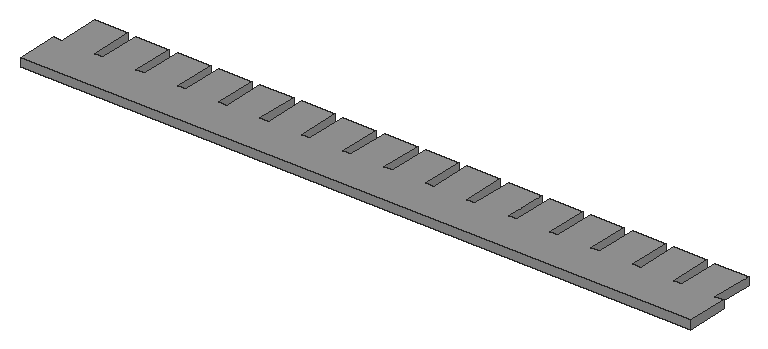
Revit family "NU - Controvento", category Generic Models, host Face, Revit 2020
Family settings
  Host = Face
  Can host rebar = No
  Round Connector Dimension = Use Diameter
  Part Type = Normal
  Cut with Voids When Loaded = No
  Shared = No
  Room Calculation Point = No
Parameters (values of type "NU - Controvento inferiore")
  c_spessore = 40 mm
  c_profondità = 324 mm
  c_altezza = 4 mm
  Default Elevation = 1219.2 mm
Types (2, lengths in mm): name | c_spessore
  NU - Controvento inferiore | 40
  NU - Controvento superiore | 20
Reference planes
  plane 1 "Center (Front/Back)": y = 0
  plane 2: z = 0
  plane 3 "Center (Left/Right)": x = 0
  plane 4: y = 20
  plane 5: y = -20
  plane 6: z = 4
  plane 7: x = 324
  plane 8: x = 20
  plane 9: x = 24
  plane 10: x = 40
  plane 11: x = 44
Forms (mm)
  Extrusion 1, solid, material "cartone"
    sketch origin (0, 0, 0) x (0, 1, 0) y (0, 0, 1)
      loop
        line (20, 4) -> (-20, 4) -> (-20, 0) -> (20, 0) -> (20, 4)
    from 0 to 324
  Extrusion 2, void
    sketch origin (0, 0, 0) x (1, 0, 0) y (0, 1, 0)
      loop
        line (20, 20) -> (20, 0) -> (24, 0) -> (24, 20) -> (20, 20)
      loop
        line (0, 20) -> (0, 0) -> (4, 0) -> (4, 20) -> (0, 20)
      loop
        line (320, 20) -> (320, 0) -> (324, 0) -> (324, 20) -> (320, 20)
    from 0 to 250
  Extrusion 3, void
    sketch origin (0, 0, 0) x (1, 0, 0) y (0, 1, 0)
      loop
        line (40, 20) -> (40, 0) -> (44, 0) -> (44, 20) -> (40, 20)
      loop
        line (60, 20) -> (60, 0) -> (64, 0) -> (64, 20) -> (60, 20)
      loop
        line (80, 20) -> (80, 0) -> (84, 0) -> (84, 20) -> (80, 20)
      loop
        line (100, 20) -> (100, 0) -> (104, 0) -> (104, 20) -> (100, 20)
      loop
        line (120, 20) -> (120, 0) -> (124, 0) -> (124, 20) -> (120, 20)
      loop
        line (140, 20) -> (140, 0) -> (144, 0) -> (144, 20) -> (140, 20)
      loop
        line (160, 20) -> (160, 0) -> (164, 0) -> (164, 20) -> (160, 20)
      loop
        line (180, 20) -> (180, 0) -> (184, 0) -> (184, 20) -> (180, 20)
      loop
        line (200, 20) -> (200, 0) -> (204, 0) -> (204, 20) -> (200, 20)
      loop
        line (220, 20) -> (220, 0) -> (224, 0) -> (224, 20) -> (220, 20)
      loop
        line (240, 20) -> (240, 0) -> (244, 0) -> (244, 20) -> (240, 20)
      loop
        line (260, 20) -> (260, 0) -> (264, 0) -> (264, 20) -> (260, 20)
      loop
        line (280, 20) -> (280, 0) -> (284, 0) -> (284, 20) -> (280, 20)
      loop
        line (300, 20) -> (300, 0) -> (304, 0) -> (304, 20) -> (300, 20)
    from 0 to 250
Cuts and joins
  Extrusion 2, Extrusion 3 cuts Extrusion 1
Dimensions and locks
  equal spacing: plane 4, plane 1 "Center (Front/Back)", plane 5
  "c_spessore": plane 4 to plane 5
  "c_altezza": plane 6 to level
  "c_profondità": plane 7 to plane 3 "Center (Left/Right)"
  plane 3 "Center (Left/Right)" to plane 8 = 20 mm
  plane 8 to plane 9 = 4 mm
  plane 9 to plane 10 = 16 mm
  plane 10 to plane 11 = 4 mm
  aligned and locked: plane 2 to host face
  aligned and locked: level to host face
  aligned and locked: plane 4 to Extrusion 1 sketch curve
  aligned and locked: Extrusion 1 sketch curve to plane 6
  aligned and locked: host face to Extrusion 1 sketch curve
  aligned and locked: Extrusion 1 sketch curve to plane 5
  aligned and locked: plane 7 to Extrusion 1
  aligned and locked: Extrusion 1 to plane 3 "Center (Left/Right)"
  aligned and locked: Extrusion 1 to plane 7
Automatic sketch dimensions
  host sketch curve to host sketch curve = 2438.4 mm
  host sketch curve to host sketch curve = 669.896 mm
  plane 1 "Center (Front/Back)" to Extrusion 3 sketch curve = 0 mm  (x14)
  Extrusion 3 sketch curve to plane 10 = 0 mm
  Extrusion 3 sketch curve to plane 11 = 0 mm
  plane 4 to Extrusion 3 sketch curve = 0 mm  (x14)
  Extrusion 3 sketch curve to Extrusion 3 sketch curve = 16 mm  (x13)
  Extrusion 3 sketch curve to Extrusion 3 sketch curve = 4 mm  (x13)
  plane 1 "Center (Front/Back)" to Extrusion 2 sketch curve = 0 mm  (x3)
  Extrusion 2 sketch curve to plane 3 "Center (Left/Right)" = 0 mm
  plane 4 to Extrusion 2 sketch curve = 0 mm  (x3)
  Extrusion 2 sketch curve to plane 8 = 0 mm
  Extrusion 2 sketch curve to plane 9 = 0 mm
  Extrusion 2 sketch curve to plane 7 = 4 mm
  Extrusion 2 sketch curve to Extrusion 2 sketch curve = 4 mm
  plane 7 to Extrusion 2 sketch curve = 0 mm
